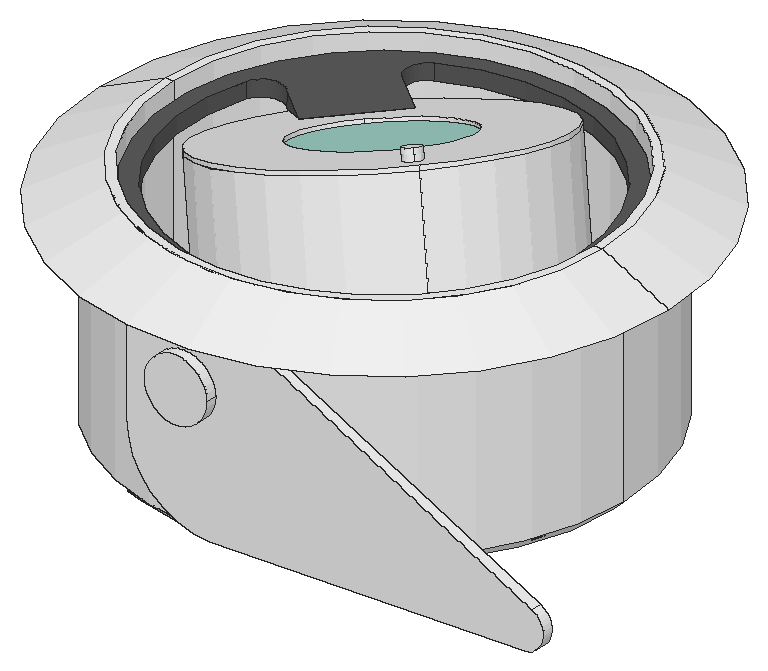
Revit family "Ciak 1.1A", category Lighting Fixtures, host Face, Revit 2017
Family settings
  Host = Face
  Round Connector Dimension = Use Diameter
  Part Type = Normal
  Cut with Voids When Loaded = Yes
  Light Source = No
  Shared = No
  Room Calculation Point = Yes
Parameters (values of type "Ciak 1.1_L 52° (3000K 1.5W 1x500mA)")
  Wiring = "series"
  Width mm = 46 mm
  Weight kg = "0.07"
  Voltage = 0 V
  Vertical rotation adjusted [instance] = if(Vertical rotation > Vertical rotation max, Vertical rotation max, Vertical rotation)  # 20.00°
  Vertical rotation [instance] = 20.00°
  Vertical rotation max = 70.00°
  URL Technical sheet = "https://www.lucelight.it/media/prodotti/st/ST_CIAK_11.pdf"
  URL Image = "https://www.lucelight.it/media/prodotti/foto/ciak_1.1_still.jpg"
  URL IES Photometric file = "https://www.lucelight.it/media/prodotti/fotometrie/ciak_1.1_ies.zip"
  URL General code = "https://www.lucelight.it/en/prodotto.php/102811#a-generacodice"
  URL Description = "https://www.lucelight.it/en/capitolato.php/102811"
  URL DXF = "https://www.lucelight.it/media/prodotti/dxf/ciak_1.1.dxf"
  URL Catalogue = "https://www.lucelight.it/media/prodotti/brochure/ciak_brochure_en.pdf"
  URL Accessories and power supply units = "https://www.lucelight.it/en/prodotto.php/102811#a-scheda-accessori"
  URL = "https://www.lucelight.it/en/prodotto.php/102811"
  Trim = L&L_Black aluminium
  Radius void = 25 mm
  Power supply unit = "not included"
  Power supply = "500mA"
  Power cables = "includes 1.5 m PVC cable FROR 2x0.35/0.35 diam. 3.5 m"
  Power = "1.5W"
  Optics = "52°"
  Notes = "-"
  No. and type of led = "1 power LED"
  Model = "Ciak 1.1"
  Manufacturer = "L&L Luce&Light"
  Light Source = Light Source_1.1 : L52°
  Geometry 2 = Ciak 1.1_mod : Ciak 1.1
  Mounting = "recessed (ceiling, shelf, shop window)"
  Material = "body and trim in aluminium"
  Lumen output at source = "157 lm (3000K, 500mA)"
  Lens = L&L_Lens
  Length mm = 46 mm
  LED Colour = "3000K (also available: 2700K and 4000K - ref. URL Technical sheet)"
  L1 = 10.5 mm
  IP = "40"
  Horizontal rotation [instance] = 40.00°
  Horizontal rotation max = 350.00°
  Horizontal rotation adjusted [instance] = if(Horizontal rotation > Horizontal rotation max, Horizontal rotation max, Horizontal rotation)  # 40.00°
  Height void = 19 mm
  Height mm = 22 mm
  Geometry 1 = Ciak 1.0_Geometry 1 : Ciak 1.0_Geometry 1
  Features = "-"
  Energy efficiency class = "A A+ A++"
  Description = "indoor recessed"
  Delivered lumen output = "144 lm (3000K, 500mA, 29°)"
  Default Elevation = 1219.2 mm
  Cutout dimensions = "diam. 50 mm"
  Control system = "-"
  Contact = "T: +39 0444 360571; E: lucelight@lucelight.it"
  Company = "L&L Luce&Light"
  Code = "CK11101 B White; CK11101 N Black"
  CRI = "90"
  Body = L&L_White aluminium
  Geometry 3 = Ciak 1.0_Geometry 3 : Ciak 1.0_Geometry 3
  Apparent Load Phase 1 = 1.5 W
Types (5, lengths in mm): name | Vertical rotation adjusted | Vertical rotation | Optics | Light Source | Horizontal rotation | Horizontal rotation adjusted
  Ciak 1.1_L 52° (3000K 1.5W 1x500mA) | 20.00° | 20.00° | "52°" | Light Source_1.1 : L52° | 40.00° | 40.00°
  Ciak 1.1_M 29° (3000K 1.5W 1x500mA) | 40.00° | 40.00° | "29°" | Light Source_1.1 : M29° | 60.00° | 60.00°
  Ciak 1.1_P 48° (3000K 1.5W 1x500mA) | 20.00° | 20.00° | "48°" | Light Source_1.1 : P48° | 40.00° | 40.00°
  Ciak 1.1_S 17° (3000K 1.5W 1x500mA) | 20.00° | 20.00° | "17°" | Light Source_1.1 : S17° | 40.00° | 40.00°
  Ciak 1.1_W 16°x34° (3000K 1.5W 1x500mA) | 20.00° | 20.00° | "16°x34°" | Light Source_1.1 : W16°x34° | 40.00° | 40.00°
Reference planes
  plane 1 "Center (Front/Back)": y = 0
  plane 2: z = 0
  plane 3 "Center (Left/Right)": x = 0
  plane 4: z = -19
Forms (mm)
  Extrusion 1, void
    sketch origin (0, 0, 0) x (-0.642788, -0.766044, 0) y (-0.766044, 0.642788, 0)
      loop
        circle (0, 0) r 25
    from 0 to 19
Lines and regions (mm)
  reference lines
    curve 1: line (0, 0, 0) -> (-8.043, 6.749, 0)
    curve 2: line (-8.043, 6.749, 0) -> (-8.043, 6.749, 1.5)
Dimensions and locks
  "L1": curve 1 to curve 1
  "Height void": plane 4 to plane 2
  "Radius void": radius of Extrusion 1 sketch curve
  "Horizontal rotation adjusted": angle curve 1 to plane 1 "Center (Front/Back)"
  aligned and locked: plane 2 to host face
  aligned and locked: level to host face
  aligned and locked: Extrusion 1 to plane 4
  aligned and locked: plane 2 to Extrusion 1
Automatic sketch dimensions
  host sketch curve to host sketch curve = 2438.4 mm  (x2)
  curve 2 to curve 1 = 0 mm  (x2)
  curve 1 to curve 2 = 1.5 mm
  plane 1 "Center (Front/Back)" to curve 1 = 0 mm
  curve 1 to plane 3 "Center (Left/Right)" = 0 mm
  Extrusion 1 sketch curve to curve 1 = 0 mm  (x2)
Nested families
  nested 1: "Ciak 1.0_Geometry 3" at (0, 0, 0) x (0.766, -0.6428, 0) z (0, 0, 1), type <- "Geometry 3", type "Ciak 1.0_Geometry 3"
  nested 2: "Ciak 1.0_Geometry 1" at (0, 0, 0), type <- "Geometry 1", type "Ciak 1.0_Geometry 1"
  nested 3: "Ciak 1.1_mod" at (-8.043, 6.749, 1.1) x (-0.766, 0.6428, 0) z (0, 0, 1), type <- "Geometry 2", Vertical rotation <- "Vertical rotation adjusted", type "Ciak 1.1"
  nested 4: "Light Source_1.1" at (-0.218, 1.328, 4.657) x (0.6428, 0.766, 0) z (-0.262, 0.2198, 0.9397), type <- "Light Source", type "L52°"
Connectors
  electrical at (0, 0, 0), driven by "Voltage", driven by "Apparent Load Phase 1"
    settings: on host face, index 1, voltage 0 V, apparent load 0 VA, apparent load phase1 1.5 VA, apparent load phase2 0 VA, apparent load phase3 0 VA, power factor 1, load classification "Lighting", number of poles 1, system type 31, power factor state 1, is connector primary yes, connector utility no, sub classification motor no, connector description ""
Definition of nested family "Ciak 1.0_Geometry 3"
  Parameters (values of type "Ciak 01_Black Steel_01")
    Trim = none
    Default Elevation = 1219.2 mm
  Reference planes
    plane 1 "Light Source Axis (F/B)": y = 0
    plane 2: z = 0
    plane 3 "Light Source Axis (L/R)": x = 0
    plane 4 "Light Source Elevation": z = 1500
  Forms (mm)
    Extrusion 1, solid, material <- "Trim", detail levels fine
      sketch origin (56.403, -158.782, 3) x (1, 0, 0) y (0, 1, 0)
        loop
          arc (-73.344, 151.602) -> (-38.003, 158.782) -> (-73.344, 165.963) r 18.4
          arc (-73.344, 165.963) -> (-73.17, 164.078) -> (-71.503, 163.182) r 2
          line (-71.503, 163.182) -> (-66.903, 163.182) -> (-66.903, 154.382) -> (-71.503, 154.382)
          arc (-71.503, 154.382) -> (-73.17, 153.486) -> (-73.344, 151.602) r 2
        loop
          circle (-56.403, 158.782) r 20
      from -3 to -1.5
  Lines and regions (mm)
    model lines
      curve 1: circle (0, 0, 0) r 18.5 normal (0, 0, 1)
  Dimensions and locks
    aligned and locked: level to plane 2
Definition of nested family "Ciak 1.0_Geometry 1"
  Parameters (values of type "Ciak 1.0_Geometry 1")
    Radius [instance] = 23 mm
    Body = none
  Reference planes
    plane 1 "Light Source Axis (F/B)": y = 0
    plane 2: z = 0
    plane 3 "Light Source Axis (L/R)": x = 0
    plane 4 "Light Source Elevation": z = 1500
  Forms (mm)
    Revolve 1, solid, material <- "Body", detail levels medium+fine
      sketch origin (90.777, 0, 11.546) x (-1, 0, 0) y (0, 0, -1)
        loop
          line (90.777, 30.546) -> (68.777, 30.546) -> (67.777, 29.546) -> (67.777, 11.546) -> (70.527, 11.546) -> (70.527, 28.42) -> (90.777, 28.42) -> (90.777, 30.546)
        axis (90.777, 11.546) -> (90.777, 30.546)
      angle from 0 to 360
    Extrusion 2, solid, material <- "Body", detail levels fine
      sketch origin (90.777, -25.576, -12.82) x (-1, 0, 0) y (0, 0, -1)
        loop
          arc (88.327, 5.326) -> (73.196, 5.076) -> (58.095, 4.078) r 305.853
          arc (58.095, 4.078) -> (56.309, 2.447) -> (57.4, 0.288) r 2
          line (57.4, 0.288) -> (82.202, -11.808)
          arc (82.202, -11.808) -> (84.336, -12.564) -> (86.585, -12.82) r 10
          line (86.585, -12.82) -> (94.277, -12.82)
          arc (94.277, -12.82) -> (95.691, -12.235) -> (96.277, -10.82) r 2
          line (96.277, -10.82) -> (96.277, -2.674)
          arc (96.277, -2.674) -> (93.951, 2.965) -> (88.327, 5.326) r 8
      from -2.576 to -1.576
    Extrusion 3, solid, material <- "Body", detail levels fine
      sketch origin (-90.777, 25.576, -12.82) x (1, 0, 0) y (0, 0, -1)
        loop
          arc (88.327, 5.326) -> (73.196, 5.076) -> (58.095, 4.078) r 305.853
          arc (58.095, 4.078) -> (56.309, 2.447) -> (57.4, 0.288) r 2
          line (57.4, 0.288) -> (82.202, -11.808)
          arc (82.202, -11.808) -> (84.336, -12.564) -> (86.585, -12.82) r 10
          line (86.585, -12.82) -> (94.277, -12.82)
          arc (94.277, -12.82) -> (95.691, -12.235) -> (96.277, -10.82) r 2
          line (96.277, -10.82) -> (96.277, -2.674)
          arc (96.277, -2.674) -> (93.951, 2.965) -> (88.327, 5.326) r 8
      from -2.576 to -1.576
    Extrusion 4, solid, material <- "Body", detail levels fine
      sketch origin (0, 0, 50) x (-1, 0, 0) y (0, 0, -1)
        loop
          circle (0, 55.5) r 3
      from -24 to -25
    Extrusion 5, solid, material <- "Body", detail levels fine
      sketch origin (0, 0, 50) x (-1, 0, 0) y (0, 0, 1)
        loop
          circle (0, -55.5) r 3
      from -24 to -25
    Extrusion 6, solid, material <- "Body", detail levels coarse
      sketch origin (0, 0, -22) x (-1, 0, 0) y (0, -1, 0)
        loop
          circle (0, 0) r 27.3
      from 0 to 22
    Revolve 7, solid, material <- "Body", detail levels medium+fine
      sketch origin (0, 0, 0) x (1, 0, 0) y (0, 0, 1)
        loop
          line (-27.3, 0) -> (-20.2, 0) -> (-20.2, 3) -> (-21, 3) -> (-27.3, 0)
        axis (0, 3) -> (0, 0)
      angle from 0 to 360
  Text (mm)
    text "22" at (174.731, 197.186, 0), in view "Ref. Level"
    text "4.49" at (199.986, 197.211, 0), in view "Ref. Level"
    text "26.49" at (176.99, 205.162, 0), in view "Ref. Level"
  Dimensions and locks
    aligned and locked: level to plane 2
Definition of nested family "Ciak 1.1_mod"
  Parameters (values of type "Ciak 1.1")
    Vertical rotation [instance] = 20.00°
    Lens = none
    Default Elevation = 1219.2 mm
    Body = none
  Reference planes
    plane 1 "Light Source Axis (F/B)": y = 0
    plane 2: z = 0
    plane 3 "Light Source Axis (L/R)": x = 0
    plane 4 "Light Source Elevation": z = 0
    plane 5: z = 0
  Lines and regions (mm)
    reference lines
      curve 1: line (0, 0, -6.093) -> (0, 0, 0)
      curve 2: line (0, 0, 0) -> (-129.494, 0, 47.132)
  Dimensions and locks
    "Vertical rotation": angle curve 2 to plane 5
    aligned and locked: level to plane 2
  Automatic sketch dimensions
    curve 2 to level = 0 mm
    curve 2 to plane 3 "Light Source Axis (L/R)" = 0 mm
    curve 1 to level = 6.093 mm
  Nested families
    nested 1: "Ciak 01_Movable Geometry_01" at (-9.869, 0, 3.592) x (-0.9397, 0, 0.342) z (-0.342, 0, -0.9397), type "Ciak 01_Movable Geometry_01"
    nested 2: "Ciak 01_Flat Cover_01" at (-9.857, 0, 3.588) x (-0.9397, 0, 0.342) z (-0.342, 0, -0.9397), type "Ciak 01_Flat Cover_01"
  Definition of nested family "Ciak 01_Movable Geometry_01"
    Parameters (values of type "Ciak 01_Movable Geometry_01")
      Lens = none
      Default Elevation = 1219.2 mm
      Body = none
    Reference planes
      plane 1 "Light Source Axis (F/B)": y = 0
      plane 2: z = 12
      plane 3 "Light Source Axis (L/R)": x = 0
      plane 4 "Light Source Elevation": z = 1500
      plane 5: z = 0
    Forms (mm)
      Extrusion 1, solid, material <- "Body", detail levels medium
        sketch origin (-15.04, 0, 0) x (1, 0, 0) y (0, 1, 0)
          loop
            circle (15.04, 0) r 15.04
        from 0 to 12
      Extrusion 2, void
        sketch origin (-15.04, 0, 0) x (1, 0, 0) y (0, 1, 0)
          loop
            arc (7.546, -0.015) -> (9.75, -5.31) -> (15.051, -7.5) r 7.5
            arc (15.051, -7.5) -> (21.619, -3.61) -> (21.376, 4.021) r 7.5
            arc (21.376, 4.021) -> (18.647, 6.578) -> (15.023, 7.5) r 7.5
            arc (15.023, 7.5) -> (9.73, 5.29) -> (7.546, -0.015) r 7.5
        from 3 to 10.193
      Extrusion 3, solid, material <- "Body", detail levels fine
        sketch origin (-15.04, 0, 0) x (1, 0, 0) y (0, 1, 0)
          loop
            arc (0.658, -4.4) -> (17.265, -14.874) -> (30.08, 0) r 15.04
            arc (30.08, 0) -> (17.265, 14.874) -> (0.658, 4.4) r 15.04
            line (0.658, 4.4) -> (4.54, 4.4) -> (4.54, -4.4) -> (0.658, -4.4)
        from 0 to 12
      Extrusion 4, solid, material <- "Body", detail levels coarse
        sketch origin (-15.04, 0, 0) x (1, 0, 0) y (0, 1, 0)
          loop
            circle (15.04, 0) r 15.04
        from 0 to 12
      Extrusion 5, solid, material <- "Lens", detail levels medium
        sketch origin (-15.04, 0, 0) x (1, 0, 0) y (0, 1, 0)
          loop
            arc (7.546, -0.015) -> (9.75, -5.31) -> (15.051, -7.5) r 7.5
            arc (15.051, -7.5) -> (21.619, -3.61) -> (21.376, 4.021) r 7.5
            arc (21.376, 4.021) -> (18.647, 6.578) -> (15.023, 7.5) r 7.5
            arc (15.023, 7.5) -> (9.73, 5.29) -> (7.546, -0.015) r 7.5
        from -0.1 to 0.358
      Extrusion 6, solid, material <- "Lens", detail levels fine
        sketch origin (-15.04, 0, 0) x (1, 0, 0) y (0, 1, 0)
          loop
            arc (7.546, -0.015) -> (9.75, -5.31) -> (15.051, -7.5) r 7.5
            arc (15.051, -7.5) -> (21.619, -3.61) -> (21.376, 4.021) r 7.5
            arc (21.376, 4.021) -> (18.647, 6.578) -> (15.023, 7.5) r 7.5
            arc (15.023, 7.5) -> (9.73, 5.29) -> (7.546, -0.015) r 7.5
        from -0.1 to 0.358
    Cuts and joins
      Extrusion 2 cuts Extrusion 1
    Dimensions and locks
      plane 2 to plane 5 = 12 mm
      plane 2 to level = 12 mm
      aligned and locked: plane 2 to Extrusion 4
      aligned and locked: Extrusion 4 to cut or joined group of Extrusion 1, Extrusion 2
  Definition of nested family "Ciak 01_Flat Cover_01"
    Parameters (values of type "Ciak 01_Flat Cover_01")
      Default Elevation = 4.5 mm
      Body = none
    Reference planes
      plane 1 "Light Source Axis (F/B)": y = 0
      plane 2: z = 0
      plane 3 "Light Source Axis (L/R)": x = 0
      plane 4 "Light Source Elevation": z = 1500
      plane 5: z = -4.9
    Forms (mm)
      Extrusion 1, solid, material <- "Body", detail levels fine
        sketch origin (0, 0, 0) x (1, 0, 0) y (0, 1, 0)
          loop
            line (-14.376, 4.4) -> (-10.487, 4.4) -> (-10.487, -4.396) -> (-14.377, -4.396)
            arc (-14.377, -4.396) -> (2.222, -14.869) -> (15.034, 0) r 15.034
            arc (15.034, 0) -> (2.224, 14.868) -> (-14.376, 4.4) r 15.034
          loop
            arc (-0.017, 7.5) -> (-5.31, 5.29) -> (-7.494, -0.015) r 7.5
            arc (-7.494, -0.015) -> (-5.29, -5.31) -> (0.01, -7.5) r 7.5
            arc (0.01, -7.5) -> (6.579, -3.61) -> (6.336, 4.021) r 7.5
            arc (6.336, 4.021) -> (3.607, 6.578) -> (-0.017, 7.5) r 7.5
        from -0.4 to 0
      Extrusion 2, solid, material <- "Body", detail levels fine
        sketch origin (0, 0, 0) x (1, 0, 0) y (0, 1, 0)
          loop
            circle (12.33, 0) r 0.822
        from -0.4 to -1.4
    Dimensions and locks
      aligned and locked: level to plane 2
Definition of nested family "Light Source_1.1"
  Parameters (values of type "L52°")
    Wattage = 1.05694 W
    built-in parameter 1150110 = 1 (stored number, unit not read)
    built-in parameter 1114217 = 1 (stored number, unit not read)
    Tilt Angle = 0.00°
    built-in parameter 1150109 = 1 (stored number, unit not read)
    built-in parameter 1150134 = (empty or 0)
    built-in parameter 1150113 = 1 (stored number, unit not read)
    Photometric Web File = "CIAK 1.0 L 52° [3000K 1.5W 1x500mA].IES"
    Lumens = 157 lm
    built-in parameter 1150115 = 1 (stored number, unit not read)
    built-in parameter 1150105 = 12.494 (stored number, unit not read)
    built-in parameter 1150137 = (empty or 0)
    built-in parameter 1150139 = (empty or 0)
    built-in parameter 1150112 = 1 (stored number, unit not read)
    built-in parameter 1150114 = 1 (stored number, unit not read)
    built-in parameter 1150132 = 2
    built-in parameter 1150102 = (empty or 0)
    built-in parameter 1150138 = (empty or 0)
    built-in parameter 1150107 = 3000 (stored number, unit not read)
    built-in parameter 1150106 = 0.12494 (stored number, unit not read)
    built-in parameter 1150104 = 13.8 (stored number, unit not read)
    Dimming Lamp Color Temperature Shift = (empty or 0)
    Default Elevation = 1219.2 mm
    Color Filter = 16777215
    built-in parameter 1114218 = 1 (stored number, unit not read)
    built-in parameter 1150133 = 10 (stored number, unit not read)
  Types (5, lengths in mm): name | Photometric Web File
    L52° | "CIAK 1.0 L 52° [3000K 1.5W 1x500mA].IES"
    M29° | "CIAK 1.0 M 29° [3000K 1.5W 1x500mA].IES"
    P48° | "CIAK 1.0 P (48°) [3000K 1.5W 1x500mA].IES"
    S17° | "CIAK 1.0 S 17° [3000K 1.5W 1x500mA].IES"
    W16°x34° | "CIAK 1.0 W 16°x34° [3000K 1.5W 1x500mA].IES"
  Reference planes
    plane 1 "Light Source Axis (F/B)": y = 0
    plane 2: z = 0
    plane 3 "Light Source Axis (L/R)": x = 0
    plane 4 "Light Source Elevation": z = 0
  Dimensions and locks
    aligned and locked: plane 1 "Light Source Axis (F/B)" to imposter light
    aligned and locked: level to plane 2
